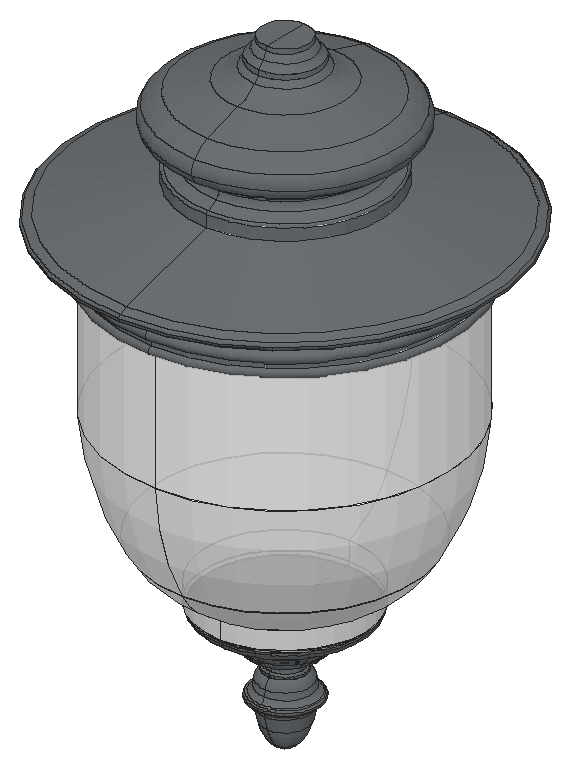
Revit family "Neri_Light 500_SU500L-Pooo", category Apparecchi per illuminazione, Revit 2018
Family settings
  Quota connettore circolare = Usa diametro
  Tipo di parte = Normale
  Numero OmniClass = 23.35.47.11
  Basato su piano di lavoro = No
  Sempre verticale = Sì
  Taglio con vuoti quando caricato = No
  Sorgente d'illuminazione = Sì
  Condiviso = No
  Punto di calcolo locali = No
Parameters (values of type "SU500L_NLG02")
  Weight = "27.56 lb"
  Wattage = 30.2945 W
  W = "48"
  Voltage = "120-277 V"
  UniFormat II Description = "Lighting and Branch Wiring"
  UniFormat II Code = "D5020"
  URL = "https://www.nerinorthamerica.com/en/products/lighting/lighting-fixtures/light-500-led-p.aspx?idC=62866&LN=en-US"
  Region South America = "All"
  Region Oceania = "All"
  Region North America = "All"
  Region Middle East = "All"
  Region Europe = "All"
  Region Asia = "All"
  Region Africa = "All"
  Produttore = "Neri SpA"
  Product Name = "Light 500 - LED P"
  Product Certification = "UL Standard 1598 (C, US)"
  built-in parameter 1150110 = 1 (stored number, unit not read)
  Painting Steps = "Information about paint steps used on this product in specific technical sheet"
  Painting = "Standard color Dark Grey, type Neri - On demand features - Painting:colour of RAL range"
  Overvoltage Protection = "4kV/4kV (differential / common mode)"
  Optics = "NLG02"
  Operative Temperature = "-22F° /+104F°"
  OmniClass Description = "Lighting Fixtures"
  OmniClass Code = "23-35 47 11"
  NBS_UniClass 2015 Description = "Roadway Lighting Systems"
  NBS_UniClass 2015 Code = "Ss_70_80_25_70"
  Modello = "SU500L-P"
  Material Secondary = PMMA Frosted
  Material Main = Die-Cast and Sheet Aluminum
  MasterFormat 2016 Description = "Exterior Lighting"
  MasterFormat 2016 Code = "26 56 00"
  Manufacturer Name = "Neri SpA"
  Manufacturer Country = "Italy"
  Luminous Efficacy = "80 Lm/W"
  Luminaire Classification System = "BUG: B1 U3 G1"
  Lighting Distribution/Class = "Asymmetric - Road Lighting and mixed areas (Type III)"
  LOR = "85 %"
  Diametre = "18 2/4\""
  Lampada = "LED"
  Installation Instructions = "https://www.nerinorthamerica.com/upl/istruzioni/Z013_0002_002_Light%20500_LED-P_2014A.pdf"
  IP = "43"
  IK = "10"
  Height of Installation = "From 11.5' to 16.5'"
  Height = "28 3/4\""
  Frequency = "50-60 Hz"
  File diagramma fotometrico = "SU500L_NLG02.IES"
  built-in parameter 1114217 = 1 (stored number, unit not read)
  built-in parameter 1150109 = 1 (stored number, unit not read)
  Fasteners = "Stainless Steel"
  Estimated Life = "80.000 h (L85 - Ta 25°C)"
  Design Country = "Italy"
  Data Sheet = "https://www.nerinorthamerica.com/supporto/DownloadNeri.ashx?f=SU500LUS.pdf&LN=en-US"
  Control = "COD 02= 1-10V + NCL, COD 06=DALI + NCL, COD 14= NVL6H +NCL"
  Connection = "Suspended installation with threaded tube (G 3/4\")"
  built-in parameter 1150134 = 12
  built-in parameter 1150113 = 1 (stored number, unit not read)
  Lumens = 4500 lm
  built-in parameter 1150115 = 1 (stored number, unit not read)
  built-in parameter 1150105 = 358.1 (stored number, unit not read)
  built-in parameter 1150137 = (empty or 0)
  built-in parameter 1150139 = (empty or 0)
  built-in parameter 1150112 = 1 (stored number, unit not read)
  built-in parameter 1150114 = 1 (stored number, unit not read)
  built-in parameter 1150132 = 2
  built-in parameter 1150102 = (empty or 0)
  built-in parameter 1150138 = (empty or 0)
  built-in parameter 1150107 = 4000 (stored number, unit not read)
  built-in parameter 1150106 = 3.581 (stored number, unit not read)
  built-in parameter 1150104 = 13.8 (stored number, unit not read)
  Dimming Lamp Color Temperature Shift = (empty or 0)
  Color Filter = 16777215
  built-in parameter 1114218 = 1 (stored number, unit not read)
  Class IES = "Cut-off"
  CRI = ">70"
  EPA = "1.16 ft²"
  Tilt Angle = 90.00°
  built-in parameter 1150133 = 10 (stored number, unit not read)
Types (3, lengths in mm): name | Optics | Luminaire Classification System | Lighting Distribution/Class | LOR | File diagramma fotometrico
  (no name) | "NLG02" | "BUG: B1 U3 G1" | "Asymmetric - Road Lighting and mixed areas (Type III)" | "85 %" | "SU500L_NLG02.IES"
  SU500L_NLG02 | "NLG02" | "BUG: B1 U3 G1" | "Asymmetric - Road Lighting and mixed areas (Type III)" | "85 %" | "SU500L_NLG02.IES"
  SU500L_NLG06 | "NLG06" | "BUG: B2 U2 G1" | "Rotosymmetrical - Mixed areas (Type V)" | "83 %" | "SU500L_NLG06.IES"
Reference planes
  plane 1 "Asse sorgente illuminazione (F/B)": y = 440
  plane 2: z = 0
  plane 3 "Asse sorgente illuminazione (L/R)": x = 0
  plane 4 "Prospetto sorgente di illuminazione": z = 3500
  plane 5 "45": through (0, 0, 1200) normal (0.7071, 0.7071, 0)
  plane 6 "45_2": through (0, 0, 1200) normal (0.7071, -0.7071, 0)
Forms (mm)
  Revolve 1, solid, material "Die-Cast and Sheet Aluminum" <- "Material Main"
    sketch origin (0, -195.815, 1339.753) x (0, 1, 0) y (0, 0, 1)
      loop
        line (635.815, 1820.572) -> (547.312, 1820.572)
        arc (547.312, 1820.572) -> (546.507, 1820.415) -> (545.819, 1819.968) r 2.146
        arc (545.819, 1819.968) -> (545.566, 1818.967) -> (545.819, 1817.966) r 2.103
        arc (545.819, 1817.966) -> (548.279, 1813.933) -> (551.943, 1810.951) r 13.958
        arc (551.943, 1810.951) -> (553.269, 1810.539) -> (554.648, 1810.709) r 3.302
        arc (554.648, 1810.709) -> (556.25, 1811.247) -> (557.863, 1811.753) r 82.752
        arc (557.863, 1811.753) -> (560.923, 1812.371) -> (564.045, 1812.403) r 16.542
        arc (564.045, 1812.403) -> (566.291, 1811.782) -> (568.158, 1810.388) r 6.313
        arc (568.158, 1810.388) -> (574.071, 1803.038) -> (578.956, 1794.967) r 70.844
        arc (578.956, 1794.967) -> (584.963, 1787.19) -> (593.326, 1782.028) r 27.434
        arc (593.326, 1782.028) -> (595.054, 1777.612) -> (599.08, 1775.104) r 7.534
        line (599.08, 1775.104) -> (635.815, 1775.104) -> (635.815, 1820.572)
      axis (635.815, 1820.572) -> (635.815, 1775.104)
    angle from 0 to 360
  Revolve 2, solid, material "Die-Cast and Sheet Aluminum" <- "Material Main"
    sketch origin (0, -195.815, 1339.753) x (0, 1, 0) y (0, 0, 1)
      loop
        line (635.815, 2160.243) -> (635.815, 2404.834) -> (609.453, 2404.834) -> (609.453, 2399.786)
        arc (609.453, 2399.786) -> (606.648, 2396.462) -> (604.35, 2392.769) r 30.166
        arc (604.35, 2392.769) -> (601.546, 2388.671) -> (597.878, 2385.324) r 21.533
        line (597.878, 2385.324) -> (597.878, 2379.67)
        arc (597.878, 2379.67) -> (595.227, 2376.537) -> (592.388, 2373.573) r 66.6
        arc (592.388, 2373.573) -> (581.26, 2365.268) -> (568.32, 2360.232) r 51.588
        arc (568.32, 2360.232) -> (546.382, 2354.244) -> (524.847, 2346.941) r 375.674
        arc (524.847, 2346.941) -> (514.635, 2341.457) -> (506.264, 2333.439) r 42.892
        arc (506.264, 2333.439) -> (502.839, 2326.488) -> (502.6, 2318.742) r 18.285
        arc (502.6, 2318.742) -> (506.874, 2310.308) -> (515.549, 2306.547) r 13.927
        arc (515.549, 2306.547) -> (516.885, 2303.939) -> (519.002, 2301.913) r 8.818
        line (519.002, 2301.913) -> (521.567, 2301.913)
        arc (521.567, 2301.913) -> (527.441, 2301.244) -> (533.014, 2299.271) r 26.112
        arc (533.014, 2299.271) -> (538.073, 2293.898) -> (540.466, 2286.917) r 17.493
        arc (540.466, 2286.917) -> (539.588, 2282.621) -> (537.499, 2278.766) r 14.925
        arc (537.499, 2278.766) -> (531.955, 2274.98) -> (525.806, 2272.284) r 36.156
        arc (525.806, 2272.284) -> (523.91, 2271.499) -> (523.124, 2269.602) r 2.682
        line (523.124, 2269.602) -> (523.124, 2256.511) -> (408.925, 2225.482) -> (399.862, 2221.256)
        arc (399.862, 2221.256) -> (398.472, 2219.581) -> (397.934, 2217.471) r 4.954
        arc (397.934, 2217.471) -> (398.741, 2215.177) -> (400.324, 2213.332) r 6.592
        arc (400.324, 2213.332) -> (404.377, 2210.981) -> (408.944, 2209.937) r 15.623
        line (408.944, 2209.937) -> (417.516, 2209.937) -> (417.516, 2204.25) -> (427.711, 2204.25)
        arc (427.711, 2204.25) -> (436.609, 2198.619) -> (442.24, 2189.721) r 23.994
        arc (442.24, 2189.721) -> (436.029, 2183.151) -> (442.481, 2176.818) r 6.454
        line (442.481, 2176.818) -> (444.644, 2176.818) -> (444.644, 2169.656)
        arc (444.644, 2169.656) -> (439.937, 2164.95) -> (444.644, 2160.243) r 4.706
        line (444.644, 2160.243) -> (635.815, 2160.243)
      axis (635.815, 2404.834) -> (635.815, 2160.243)
    angle from 0 to 360
  Revolve 3, solid, material "PMMA Frosted" <- "Material Secondary"
    sketch origin (0, -196.731, 1305.851) x (0, 1, 0) y (0, 0, 1)
      loop
        line (636.731, 2194.149) -> (450.879, 2194.149) -> (450.879, 2053.945)
        arc (450.879, 2053.945) -> (462.687, 1988.057) -> (489.742, 1926.83) r 281.047
        arc (489.742, 1926.83) -> (513.401, 1898.453) -> (544.768, 1878.929) r 116.286
        line (544.768, 1878.929) -> (544.768, 1857.509)
        arc (544.768, 1857.509) -> (545.657, 1855.363) -> (547.803, 1854.474) r 3.035
        line (547.803, 1854.474) -> (636.731, 1854.474) -> (636.731, 2194.149)
      axis (636.731, 2194.149) -> (636.731, 1854.474)
    angle from 0 to 360
  Revolve 4, solid, material "Die-Cast and Sheet Aluminum" <- "Material Main"
    sketch origin (0, -195.815, 1339.753) x (0, 1, 0) y (0, 0, 1)
      loop
        line (635.815, 1820.572) -> (547.312, 1820.572)
        arc (547.312, 1820.572) -> (546.507, 1820.415) -> (545.819, 1819.968) r 2.146
        arc (545.819, 1819.968) -> (545.566, 1818.967) -> (545.819, 1817.966) r 2.103
        arc (545.819, 1817.966) -> (548.279, 1813.933) -> (551.943, 1810.951) r 13.958
        arc (551.943, 1810.951) -> (553.269, 1810.539) -> (554.648, 1810.709) r 3.302
        arc (554.648, 1810.709) -> (556.25, 1811.247) -> (557.863, 1811.753) r 82.752
        arc (557.863, 1811.753) -> (560.923, 1812.371) -> (564.045, 1812.403) r 16.542
        arc (564.045, 1812.403) -> (566.291, 1811.782) -> (568.158, 1810.388) r 6.313
        arc (568.158, 1810.388) -> (574.071, 1803.038) -> (578.956, 1794.967) r 70.844
        arc (578.956, 1794.967) -> (584.939, 1787.41) -> (593.318, 1782.646) r 25.246
        arc (593.318, 1782.646) -> (595.055, 1778.232) -> (599.08, 1775.722) r 7.559
        line (599.08, 1775.722) -> (612.71, 1775.722) -> (612.71, 1772.14)
        arc (612.71, 1772.14) -> (616.488, 1771.392) -> (619.795, 1769.42) r 11.309
        arc (619.795, 1769.42) -> (620.613, 1767.986) -> (620.335, 1766.36) r 2.448
        arc (620.335, 1766.36) -> (618.724, 1764.679) -> (616.503, 1763.979) r 4.69
        line (616.503, 1763.979) -> (616.503, 1759.539) -> (615.363, 1759.539)
        arc (615.363, 1759.539) -> (614.04, 1758.991) -> (613.493, 1757.668) r 1.871
        line (613.493, 1757.668) -> (613.493, 1755.316) -> (612.71, 1755.316)
        arc (612.71, 1755.316) -> (609.371, 1750.505) -> (607.636, 1744.912) r 19.212
        arc (607.636, 1744.912) -> (607.195, 1741.352) -> (606.392, 1737.856) r 34.89
        arc (606.392, 1737.856) -> (604.379, 1734.534) -> (601.322, 1732.137) r 10.821
        arc (601.322, 1732.137) -> (600.264, 1731.947) -> (599.376, 1731.343) r 2.578
        arc (599.376, 1731.343) -> (598.583, 1730.267) -> (598.091, 1729.025) r 5.207
        arc (598.091, 1729.025) -> (598.061, 1727.524) -> (598.699, 1726.165) r 3.305
        arc (598.699, 1726.165) -> (600.823, 1724.17) -> (603.44, 1722.887) r 9.812
        arc (603.44, 1722.887) -> (605.639, 1720.381) -> (607.139, 1717.402) r 13.178
        arc (607.139, 1717.402) -> (609.527, 1709.794) -> (611.366, 1702.036) r 111.975
        arc (611.366, 1702.036) -> (614.727, 1691.867) -> (620.444, 1682.81) r 44.012
        arc (620.444, 1682.81) -> (627.307, 1677.236) -> (635.815, 1674.834) r 21.872
        line (635.815, 1674.834) -> (635.815, 1820.572)
      axis (635.815, 1820.572) -> (635.815, 1674.834)
    angle from 0 to 360
Dimensions and locks
  aligned and locked: plane 4 "Prospetto sorgente di illuminazione" to imposter light
  aligned and locked: level to plane 2
